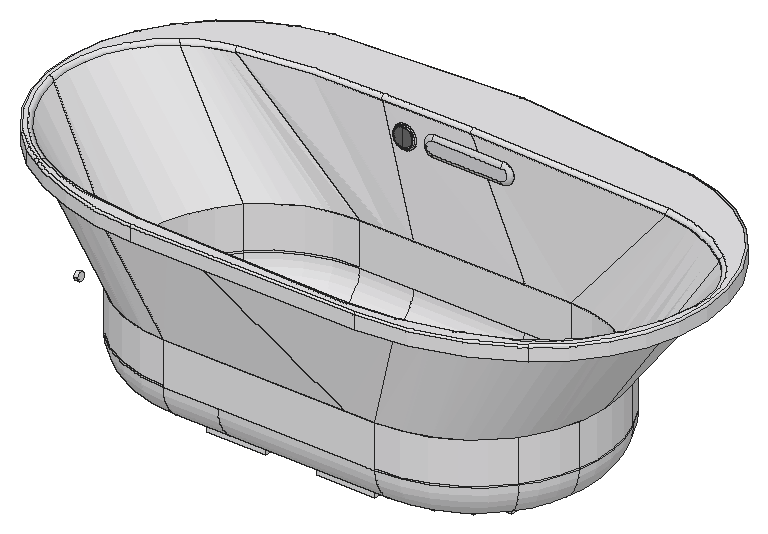
Revit family "Bath-Drop_In-Heated_Surface-KOHLER-Underscore-K-5715_1", category Plumbing Fixtures, host Face, Revit 2022
Family settings
  Host = Face
  Round Connector Dimension = Use Diameter
  Part Type = Normal
  OmniClass Number = 23.31.15.00
  OmniClass Title = Bathtubs
  Cut with Voids When Loaded = No
  Maintain Annotation Orientation = No
  Shared = No
  Room Calculation Point = No
Parameters (values of type "0-White")
  Width = 35 63/64"  # constant formula
  WaterSense Certified = 1 = 0  # no
  Waste Water Outlet = "Waste Water Outlet"  # constant formula
  Waste Connection = 1 = 1  # yes
  Voltage = 120 V  # constant formula
  Vent Connection = 1 = 0  # no
  Undermount [instance] = no
  URL = "https://www.us.kohler.com/us/"
  Type = 1
  Pump Electrical Connector = "Pump Electrical Connector"  # constant formula
  Product Page URL = "http://www.us.kohler.com/us/catalog/productDetails.jsp?productNumber=5715-W1"
  Product Name = "Underscore"  # constant formula
  Product Documentation Link = "https://www.us.kohler.com/webassets/kpna/catalog/pdf/en/K-5715-W1_spec_US-CA_Kohler_en.pdf"
  Model = if(Type = 1, "K-5715-W1-0", if(Type = 2, "K-5715-W1-58", if(Type = 3, "K-5715-W1-7", if(Type = 4, "K-5715-W1-95", if(Type = 5, "K-5715-W1-96", if(Type = 6, "K-5715-W1-NY", "NA"))))))  # "K-5715-W1-0"
  Material = "Acrylic"  # constant formula
  Master Format 2014 Name = "Residential Bathtubs"  # constant formula
  Master Format 2014 = "22 41 19"  # constant formula
  Manufacturer Address = "444 Highland Dr, Kohler, WI 53044"  # constant formula
  Manufacturer = "Kohler Co."  # constant formula
  Length = 65 63/64"  # constant formula
  Hot Water Inlet = "Hot Water Inlet"  # constant formula
  Height = 22.12598"  # constant formula
  Heater Electrical Connector = "Heater Electrical Connector"  # constant formula
  HW Connection = 1 = 0  # no
  Finish = KOHLER-Acrylic-0-White
  Environmental Product Declaration = ""
  Electrical Note = "One circuit required, protected with Class A Ground-Fault Circuit-Interrupter (GFCI)"  # constant formula
  Electrical Connector = 1 = 1  # yes
  Drop_in [instance] = not(Undermount)  # yes
  Drain Included = 1 = 0  # no
  Installation Height [instance] = if(Drop_in, 0", 2.48031")  # 0"
  Description = "65-1/2 Inch x 35-3/4 Inch Drop-In Bath With Bask Heated Surface"  # constant formula
  Default Elevation = 0"
  Declare Label = ""
  Date Modified = "05/10/2023"  # constant formula
  Date Created = "05/10/2023"  # constant formula
  Copyright = "Copyright Kohler Co."  # constant formula
  Contact Us = "https://www.us.kohler.com/us/static/contact.jsp"
  Cold Water Inlet = "Cold Water Inlet"  # constant formula
  CW Connection = 1 = 0  # no
  Blower Electrical Connector = "Blower Electrical Connector"  # constant formula
  Assembly Code = "D2010500"
  Apparent Load = 1800 VA  # constant formula
  Amplifer Electrical Connector = "Amplifer Electrical Connector"  # constant formula
  ADA Compliant = 1 = 0  # no
Reference planes (in)
  plane 1 "Center (Front/Back)": y = 0
  plane 2: z = 0
  plane 3 "Center (Left/Right)": x = 0
  plane 4: y = 17.99213
  plane 5: y = -17.99225
  plane 6: y = 13.58659
  plane 7: y = 11.53543
  plane 8: y = -1.00787
  plane 9: z = 0
  plane 10: z = 1.49606
  plane 11: z = -20.62992
  plane 12: x = -32.99213
  plane 13: x = -30.57087
  plane 14: x = -24.22638
  plane 15: x = 24.22638
  plane 16: x = 30.57087
  plane 17: x = 32.99225
  plane 18: z = -19.71532
  plane 19: z = -17.23501
  plane 20: y = -13.66142
Forms (in)
  Extrusion 1, void
    sketch origin (0, 0, 0) x (1, 0, 0) y (0, 1, 0)
      loop
        arc (25.76765, -13.51388) -> (32.33469, 4.14187) -> (18.40172, 16.81955) r 16.82097
        arc (18.40172, 16.81955) -> (-0.01607, 18.14627) -> (-18.43353, 16.81494) r 128.28001
        arc (-18.43353, 16.81494) -> (-32.33511, 4.21725) -> (-25.91084, -13.40899) r 16.80891
        arc (-25.91084, -13.40899) -> (-19.08481, -16.89304) -> (-11.51567, -18.09369) r 24.45914
        line (-11.51567, -18.09369) -> (11.47992, -18.09369)
        arc (11.47992, -18.09369) -> (18.98182, -16.92075) -> (25.76765, -13.51388) r 24.57677
    from 0 to 1.49606
  Extrusion 2, void
    sketch origin (0, 0, 0) x (1, 0, 0) y (0, 1, 0)
      loop
        arc (20.54068, 10.68667) -> (10.29584, 11.28731) -> (0.03343, 11.27369) r 171.3812
        arc (0.03343, 11.27369) -> (-4.50833, 11.18512) -> (-9.05092, 11.20351) r 192.91494
        arc (-9.05092, 11.20351) -> (-16.08001, 10.93428) -> (-23.0389, 9.90746) r 65.03515
        arc (-23.0389, 9.90746) -> (-25.26539, 9.19734) -> (-27.28762, 8.02598) r 10.82677
        arc (-27.28762, 8.02598) -> (-30.98965, 3.17661) -> (-31.48197, -2.90444) r 10.82677
        arc (-31.48197, -2.90444) -> (-28.72736, -9.0835) -> (-23.65197, -13.55664) r 15.89016
        arc (-23.65197, -13.55664) -> (-20.8528, -14.8313) -> (-17.88537, -15.64028) r 19.10574
        arc (-17.88537, -15.64028) -> (-14.87727, -16.10612) -> (-11.84556, -16.379) r 47.66623
        arc (-11.84556, -16.379) -> (-1.2061, -16.79011) -> (9.4413, -16.79219) r 277.11782
        arc (9.4413, -16.79219) -> (17.16258, -15.72302) -> (24.41654, -12.86972) r 32.94513
        arc (24.41654, -12.86972) -> (26.38744, -11.52726) -> (28.03649, -9.80468) r 11.41732
        arc (28.03649, -9.80468) -> (30.65746, -5.14026) -> (31.81399, 0.08361) r 18.26041
        arc (31.81399, 0.08361) -> (31.11787, 4.14494) -> (28.62105, 7.42289) r 8.64631
        arc (28.62105, 7.42289) -> (24.82364, 9.65583) -> (20.54068, 10.68667) r 14.96872
    from 1.49606 to 6.88459
  Extrusion 3, void
    sketch origin (0, 0, 0) x (1, 0, 0) y (0, 1, 0)
      loop
        arc (-23.12387, 14.50701) -> (-26.05838, 12.71893) -> (-28.56647, 10.36987) r 16.75777
        arc (-28.56647, 10.36987) -> (-31.40803, 5.53963) -> (-32.3255, 0.01115) r 15.34331
        arc (-32.3255, 0.01115) -> (-29.97545, -8.13877) -> (-23.86838, -14.02499) r 16.40197
        arc (-23.86838, -14.02499) -> (-21.49112, -15.3238) -> (-18.85908, -15.96461) r 10.39992
        arc (-18.85908, -15.96461) -> (-9.43122, -16.81606) -> (0.02131, -17.32496) r 260.91458
        arc (0.02131, -17.32496) -> (4.72817, -17.40411) -> (9.43468, -17.30601) r 125.02205
        arc (9.43468, -17.30601) -> (15.74015, -16.63242) -> (21.89985, -15.12548) r 47.53252
        arc (21.89985, -15.12548) -> (23.66102, -14.38482) -> (25.2582, -13.33632) r 10.46553
        arc (25.2582, -13.33632) -> (30.19136, -7.38425) -> (32.32207, 0.047) r 18.85956
        arc (32.32207, 0.047) -> (30.90726, 7.33068) -> (26.00808, 12.90309) r 14.1821
        arc (26.00808, 12.90309) -> (22.04656, 14.92915) -> (17.73356, 16.02309) r 19.8743
        arc (17.73356, 16.02309) -> (8.88273, 16.95251) -> (-0.00913, 17.32117) r 140.86348
        arc (-0.00913, 17.32117) -> (-7.82043, 17.1814) -> (-15.61197, 16.60878) r 140.86348
        arc (-15.61197, 16.60878) -> (-19.45837, 15.88118) -> (-23.12387, 14.50701) r 22.82438
    from -20.62992 to 0
Dimensions and locks (in)
  plane 7 to plane 4 = 6.45669"
  plane 5 to plane 7 = 29.52768"
  plane 8 to plane 4 = 19"
  "Width": plane 5 to plane 4
  plane 4 to plane 5 = 35 63/64"
  "Installation Height": plane 2 to plane 9
  locked: plane 10 to plane 9 at 1.49606
  "Height": plane 10 to plane 11
  "Length": plane 12 to plane 17
  plane 5 to plane 1 "Center (Front/Back)" to plane 4 = 17.99225", 17.99213"
  plane 20 to plane 7 = 25.19685"
  aligned and locked: plane 2 to host face
  aligned and locked: level to host face
  aligned and locked: plane 9 to nested 1
  aligned and locked: Extrusion 1 to plane 9
  aligned and locked: Extrusion 1 to plane 10
  aligned and locked: plane 10 to Extrusion 2
  aligned and locked: Extrusion 3 to plane 11
  aligned and locked: plane 9 to Extrusion 3
Automatic sketch dimensions
  host sketch curve to host sketch curve = 96"  (x2)
  Extrusion 3 sketch curve to Extrusion 3 sketch curve = 0"  (x13)
  plane 8 to Extrusion 3 sketch curve = 4.61764"
  Extrusion 3 sketch curve to plane 3 "Center (Left/Right)" = 17.7359"
  Extrusion 3 sketch curve to plane 1 "Center (Front/Back)" = 0.30571"
  Extrusion 3 sketch curve to Extrusion 3 sketch curve = 0.75089"
  Extrusion 3 sketch curve to Extrusion 3 sketch curve = 1.05846"
  Extrusion 3 sketch curve to plane 8 = 0.3858"
  Extrusion 3 sketch curve to Extrusion 3 sketch curve = 0.0092"
  Extrusion 3 sketch curve to Extrusion 3 sketch curve = 4.42744"
  Extrusion 3 sketch curve to plane 3 "Center (Left/Right)" = 1.39561"
  plane 3 "Center (Left/Right)" to Extrusion 3 sketch curve = 4.47659"
  plane 3 "Center (Left/Right)" to Extrusion 3 sketch curve = 7.54965"
  plane 3 "Center (Left/Right)" to Extrusion 3 sketch curve = 9.31924"
  Extrusion 3 sketch curve to plane 1 "Center (Front/Back)" = 1.41906"
  plane 3 "Center (Left/Right)" to Extrusion 3 sketch curve = 13.51248"
  plane 8 to Extrusion 3 sketch curve = 2.65923"
  Extrusion 3 sketch curve to Extrusion 3 sketch curve = 1.52217"
  Extrusion 3 sketch curve to plane 1 "Center (Front/Back)" = 1.07877"
  Extrusion 3 sketch curve to Extrusion 3 sketch curve = 4.66507"
  Extrusion 3 sketch curve to Extrusion 3 sketch curve = 3.70563"
  Extrusion 3 sketch curve to Extrusion 3 sketch curve = 0.47355"
  plane 5 to Extrusion 3 sketch curve = 105.54323"
  Extrusion 3 sketch curve to Extrusion 3 sketch curve = 1.48117"
  Extrusion 3 sketch curve to plane 1 "Center (Front/Back)" = 0.32604"
  Extrusion 3 sketch curve to plane 4 = 12.19699"
  Extrusion 3 sketch curve to Extrusion 3 sketch curve = 77.42857"
  Extrusion 3 sketch curve to Extrusion 3 sketch curve = 135.80622"
  Extrusion 3 sketch curve to plane 6 = 0.92042"
  Extrusion 3 sketch curve to plane 3 "Center (Left/Right)" = 0.00913"
  Extrusion 2 sketch curve to Extrusion 2 sketch curve = 0"  (x13)
  Extrusion 2 sketch curve to plane 8 = 0.30568"
  Extrusion 2 sketch curve to plane 14 = 3.34483"
  Extrusion 2 sketch curve to plane 1 "Center (Front/Back)" = 0.32773"
  Extrusion 2 sketch curve to Extrusion 2 sketch curve = 4.95753"
  Extrusion 2 sketch curve to Extrusion 2 sketch curve = 1.56385"
  Extrusion 2 sketch curve to plane 3 "Center (Left/Right)" = 10.07992"
  Extrusion 2 sketch curve to plane 3 "Center (Left/Right)" = 9.09044"
  Extrusion 2 sketch curve to plane 3 "Center (Left/Right)" = 5.99858"
  plane 3 "Center (Left/Right)" to Extrusion 2 sketch curve = 4.17193"
  plane 3 "Center (Left/Right)" to Extrusion 2 sketch curve = 5.39212"
  plane 4 to Extrusion 2 sketch curve = 1.84515"
  plane 3 "Center (Left/Right)" to Extrusion 2 sketch curve = 8.81486"
  Extrusion 2 sketch curve to plane 1 "Center (Front/Back)" = 1.37623"
  Extrusion 2 sketch curve to plane 15 = 10.627"
  plane 8 to Extrusion 2 sketch curve = 1.80594"
  Extrusion 2 sketch curve to plane 15 = 5.21669"
  Extrusion 2 sketch curve to Extrusion 2 sketch curve = 0.20789"
  Extrusion 2 sketch curve to plane 15 = 1.03701"
  Extrusion 2 sketch curve to Extrusion 2 sketch curve = 1.40964"
  plane 5 to Extrusion 2 sketch curve = 35.83125"
  Extrusion 2 sketch curve to Extrusion 2 sketch curve = 106.20021"
  Extrusion 2 sketch curve to plane 1 "Center (Front/Back)" = 0.69566"
  Extrusion 2 sketch curve to plane 1 "Center (Front/Back)" = 3.13742"
  Extrusion 2 sketch curve to plane 4 = 13.21542"
  Extrusion 2 sketch curve to Extrusion 2 sketch curve = 172.88676"
  Extrusion 2 sketch curve to Extrusion 2 sketch curve = 56.18122"
  Extrusion 2 sketch curve to plane 14 = 1.18748"
  Extrusion 2 sketch curve to plane 14 = 0.57441"
  plane 14 to Extrusion 2 sketch curve = 3.06125"
  Extrusion 1 sketch curve to plane 3 "Center (Left/Right)" = 11.51567"
  Extrusion 1 sketch curve to plane 1 "Center (Front/Back)" = 0.18048"
  Extrusion 1 sketch curve to Extrusion 1 sketch curve = 4.50247"
  Extrusion 1 sketch curve to plane 3 "Center (Left/Right)" = 0"
  plane 7 to Extrusion 1 sketch curve = 5.05235"
  plane 3 "Center (Left/Right)" to Extrusion 1 sketch curve = 11.47992"
  Extrusion 1 sketch curve to plane 1 "Center (Front/Back)" = 0.17255"
  Extrusion 1 sketch curve to Extrusion 1 sketch curve = 4.50884"
  plane 5 to Extrusion 1 sketch curve = 0.10144"
  plane 5 to Extrusion 1 sketch curve = 92.14149"
  Extrusion 1 sketch curve to plane 1 "Center (Front/Back)" = 6.36545"
  plane 4 to Extrusion 1 sketch curve = 1.17719"
  Extrusion 1 sketch curve to Extrusion 1 sketch curve = 0"  (x2)
  Extrusion 3 sketch curve to plane 14 = 0.358"
Nested families (in)
  nested 1: "K-5715" at (0, 0, -20.62992), type "K-5715"
Connectors (in)
  piping at (0, -1.00787, -20.62992), diameter 1.5, driven by "Waste Connection", driven by "Waste Water Outlet"
    settings: on nested 1, index 1, connector inside diameter 24", connector length 0", flow factor 0, pipe flow 0 GPM, pressure drop 0.00 psi, fitting loss kfactor 0, connector angle 0.00°, fixture units 0, engagement length 0", angle of deflection 0.00°, flow configuration 0, flow direction 2, fitting loss method 0, system type 16, joint type 0, gender type 0, connector reference index -1, connector utility 1, adjustable connector no, is connector primary yes, connector description "Waste Water Outlet"
  electrical at (-30.57087, -1.00787, -17.23501), driven by "Voltage", driven by "Apparent Load", driven by "Electrical Connector", driven by "Heater Electrical Connector"
    settings: on nested 1, index 2, voltage 120 V, apparent load 1800 VA, apparent load phase1 0 VA, apparent load phase2 0 VA, apparent load phase3 0 VA, power factor 1, load classification "Power", number of poles 1, system type 30, power factor state 1, is connector primary yes, connector utility yes, sub classification motor no, connector description "Heater Electrical Connector"
Definition of nested family "K-5715"
  Parameters (values of type "K-5715")
    Material = none
    Default Elevation = 0"
  Reference planes (in)
    plane 1 "Center (Front/Back)": y = 0
    plane 2: z = 0
    plane 3 "Center (Left/Right)": x = 0
    plane 4: y = 17.99213
    plane 5: y = -17.99213
    plane 6: x = -32.99213
    plane 7: x = 32.99213
    plane 8: x = -30.57087
    plane 9: x = 30.57087
    plane 10: x = -20.79367
    plane 11: x = 20.50349
    plane 12: z = 22.12598
    plane 13: z = 20.62992
    plane 14 "a": y = 13.58659
    plane 15: y = -1.00787
    plane 16: y = 11.53543
    plane 17: z = 0.48156
    plane 18: z = 0
    plane 19: x = -6.67469
    plane 20: y = -16.6674
    plane 21: z = 3.39491
  Forms (in)
    Blend 1, solid, material <- "Material", detail levels medium+fine
      base sketch origin (0, 0, 0) x (1, 0, 0) y (0, 1, 0)
        loop
          arc (18.80146, 12.28198) -> (-0.78698, 13.18036) -> (-20.36393, 12.05937) r 190.40898
          arc (-20.36393, 12.05937) -> (-29.7927, 6.43254) -> (-31.69465, -4.3816) r 13.18898
          arc (-31.69465, -4.3816) -> (-29.75404, -8.84275) -> (-26.54447, -12.49877) r 15.74877
          arc (-26.54447, -12.49877) -> (-21.85425, -15.35223) -> (-16.53378, -16.70606) r 18.52871
          arc (-16.53378, -16.70606) -> (-12.37771, -17.0397) -> (-8.21151, -17.20383) r 102.37152
          arc (-8.21151, -17.20383) -> (3.36558, -17.21612) -> (14.93566, -16.81293) r 322.54206
          arc (14.93566, -16.81293) -> (25.96522, -12.40368) -> (32.02577, -2.18788) r 18.4617
          arc (32.02577, -2.18788) -> (30.88857, 5.6159) -> (24.96407, 10.82095) r 11.41732
          arc (24.96407, 10.82095) -> (21.93231, 11.76044) -> (18.80146, 12.28198) r 23.45309
      top sketch origin (0, 0, 0) x (1, 0, 0) y (0, 1, 0)
        loop
          line (-11.01632, -14.35637) -> (7.54977, -14.35637) -> (10.69938, -14.35637)
          arc (10.69938, -14.35637) -> (20.0051, -10.41008) -> (23.63711, -0.97726) r 12.94501
          arc (23.63711, -0.97726) -> (20.97116, 6.46671) -> (14.47291, 10.97144) r 12.94501
          arc (14.47291, 10.97144) -> (12.60697, 11.39233) -> (10.69938, 11.53365) r 12.94501
          line (10.69938, 11.53365) -> (-11.01632, 11.53365)
          arc (-11.01632, 11.53365) -> (-20.82897, 7.03169) -> (-23.81642, -3.34284) r 12.94501
          arc (-23.81642, -3.34284) -> (-23.32494, -5.42026) -> (-22.49871, -7.38865) r 12.94501
          arc (-22.49871, -7.38865) -> (-17.73187, -12.47819) -> (-11.01632, -14.35637) r 12.94501
      from 21.75077 to 10.19989
    Extrusion 2, solid, material <- "Material", detail levels medium+fine
      sketch origin (0, 0, 0) x (1, 0, 0) y (0, 1, 0)
        loop
          line (10.69938, 11.53365) -> (5.97497, 11.53365) -> (-5.50451, 11.53365) -> (-11.01632, 11.53365)
          arc (-11.01632, 11.53365) -> (-16.15764, 10.46888) -> (-20.45317, 7.44974) r 12.94501
          arc (-20.45317, 7.44974) -> (-23.77023, 0.80475) -> (-22.88918, -6.5697) r 12.94501
          arc (-22.88918, -6.5697) -> (-21.76463, -8.62574) -> (-20.28781, -10.44534) r 12.94501
          arc (-20.28781, -10.44534) -> (-16.04764, -13.3386) -> (-11.01632, -14.35637) r 12.94501
          line (-11.01632, -14.35637) -> (-5.50451, -14.35637) -> (10.69938, -14.35637)
          arc (10.69938, -14.35637) -> (16.57798, -12.94459) -> (21.17434, -9.01719) r 12.94501
          arc (21.17434, -9.01719) -> (22.55053, -6.61938) -> (23.38617, -3.98403) r 12.94501
          arc (23.38617, -3.98403) -> (23.55575, 0.10092) -> (22.4429, 4.03501) r 12.94501
          arc (22.4429, 4.03501) -> (17.66608, 9.49911) -> (10.69938, 11.53365) r 12.94501
      from 5.90551 to 10.19989
    Sweep 3, solid, material <- "Material", detail levels medium+fine
      path origin (0, 0, 0) x (1, 0, 0) y (0, 1, 0)
        loop
          line (10.69938, 11.53365) -> (5.97497, 11.53365) -> (-5.50451, 11.53365) -> (-11.01632, 11.53365)
          arc (-11.01632, 11.53365) -> (-16.15764, 10.46888) -> (-20.45317, 7.44974) r 12.94501
          arc (-20.45317, 7.44974) -> (-23.77023, 0.80475) -> (-22.88918, -6.5697) r 12.94501
          arc (-22.88918, -6.5697) -> (-21.76463, -8.62574) -> (-20.28781, -10.44534) r 12.94501
          arc (-20.28781, -10.44534) -> (-16.04764, -13.3386) -> (-11.01632, -14.35637) r 12.94501
          line (-11.01632, -14.35637) -> (-5.50451, -14.35637) -> (10.69938, -14.35637)
          arc (10.69938, -14.35637) -> (16.57798, -12.94459) -> (21.17434, -9.01719) r 12.94501
          arc (21.17434, -9.01719) -> (22.55053, -6.61938) -> (23.38617, -3.98403) r 12.94501
          arc (23.38617, -3.98403) -> (23.55575, 0.10092) -> (22.4429, 4.03501) r 12.94501
          arc (22.4429, 4.03501) -> (17.66608, 9.49911) -> (10.69938, 11.53365) r 12.94501
      profile origin (5.97497, 11.53365, 0) x (0, -1, 0) y (0, 0, 1)
        loop
          line (3.93701, 1.82011) -> (6.29921, 1.82011) -> (6.29921, 2.60751) -> (3.93701, 2.60751)
          arc (3.93701, 2.60751) -> (1.7099, 3.53001) -> (0.7874, 5.75712) r 3.14961
          line (0.7874, 5.75712) -> (0.7874, 5.90551) -> (0, 5.90551) -> (0, 5.75712)
          arc (0, 5.75712) -> (1.15312, 2.97323) -> (3.93701, 1.82011) r 3.93701
    Blend 4, void
      base sketch origin (0, 0, 0) x (1, 0, 0) y (0, 1, 0)
        loop
          arc (-11.01632, 10.74625) -> (-15.84491, 9.74625) -> (-19.87916, 6.91075) r 12.15761
          arc (-19.87916, 6.91075) -> (-22.99445, 0.66995) -> (-22.167, -6.25593) r 12.15761
          arc (-22.167, -6.25593) -> (-21.11084, -8.18691) -> (-19.72386, -9.89583) r 12.15761
          arc (-19.72386, -9.89583) -> (-15.7416, -12.61311) -> (-11.01632, -13.56897) r 12.15761
          line (-11.01632, -13.56897) -> (-5.50451, -13.56897) -> (10.69938, -13.56897)
          arc (10.69938, -13.56897) -> (15.10602, -12.74224) -> (18.91336, -10.37451) r 12.15761
          arc (18.91336, -10.37451) -> (20.5357, -8.55658) -> (21.76296, -6.45166) r 12.15761
          arc (21.76296, -6.45166) -> (22.26339, -5.16384) -> (22.61447, -3.82755) r 12.15761
          arc (22.61447, -3.82755) -> (22.77374, 0.00893) -> (21.72858, 3.70373) r 12.15761
          arc (21.72858, 3.70373) -> (17.24232, 8.83546) -> (10.69938, 10.74625) r 12.15761
          line (10.69938, 10.74625) -> (5.97497, 10.74625) -> (-5.50451, 10.74625) -> (-11.01632, 10.74625)
      top sketch origin (0, 0, 0) x (1, 0, 0) y (0, 1, 0)
        loop
          arc (-27.28762, 8.02598) -> (-30.98965, 3.17661) -> (-31.48197, -2.90444) r 10.82677
          arc (-31.48197, -2.90444) -> (-28.72736, -9.0835) -> (-23.65197, -13.55664) r 15.89016
          arc (-23.65197, -13.55664) -> (-20.8528, -14.8313) -> (-17.88537, -15.64028) r 19.10574
          arc (-17.88537, -15.64028) -> (-14.87727, -16.10612) -> (-11.84556, -16.379) r 47.66623
          arc (-11.84556, -16.379) -> (-1.2061, -16.79011) -> (9.4413, -16.79219) r 277.11782
          arc (9.4413, -16.79219) -> (17.16258, -15.72302) -> (24.41654, -12.86972) r 32.94513
          arc (24.41654, -12.86972) -> (26.38744, -11.52726) -> (28.03649, -9.80468) r 11.41732
          arc (28.03649, -9.80468) -> (30.65746, -5.14026) -> (31.81399, 0.08361) r 18.26041
          arc (31.81399, 0.08361) -> (31.11787, 4.14494) -> (28.62105, 7.42289) r 8.64631
          arc (28.62105, 7.42289) -> (24.82364, 9.65583) -> (20.54068, 10.68667) r 14.96872
          arc (20.54068, 10.68667) -> (10.29584, 11.28731) -> (0.03343, 11.27369) r 171.3812
          arc (0.03343, 11.27369) -> (-4.50833, 11.18512) -> (-9.05092, 11.20351) r 192.91494
          arc (-9.05092, 11.20351) -> (-16.08001, 10.93428) -> (-23.0389, 9.90746) r 65.03515
          arc (-23.0389, 9.90746) -> (-25.26539, 9.19734) -> (-27.28762, 8.02598) r 10.82677
      from 10.19989 to 21.75077
    Extrusion 5, void
      sketch origin (0, 0, 0) x (1, 0, 0) y (0, 1, 0)
        loop
          arc (-11.01632, 10.74625) -> (-15.84491, 9.74625) -> (-19.87916, 6.91075) r 12.15761
          arc (-19.87916, 6.91075) -> (-22.99445, 0.66995) -> (-22.167, -6.25593) r 12.15761
          arc (-22.167, -6.25593) -> (-21.11084, -8.18691) -> (-19.72386, -9.89583) r 12.15761
          arc (-19.72386, -9.89583) -> (-15.7416, -12.61311) -> (-11.01632, -13.56897) r 12.15761
          line (-11.01632, -13.56897) -> (-5.50451, -13.56897) -> (10.69938, -13.56897)
          arc (10.69938, -13.56897) -> (16.2204, -12.24306) -> (20.53718, -8.55455) r 12.15761
          arc (20.53718, -8.55455) -> (21.82966, -6.3026) -> (22.61447, -3.82755) r 12.15761
          arc (22.61447, -3.82755) -> (22.77374, 0.00893) -> (21.72858, 3.70373) r 12.15761
          arc (21.72858, 3.70373) -> (17.24232, 8.83546) -> (10.69938, 10.74625) r 12.15761
          line (10.69938, 10.74625) -> (5.97497, 10.74625) -> (-5.50451, 10.74625) -> (-11.01632, 10.74625)
      from 5.90551 to 12.63047
    Extrusion 6, solid, material <- "Material", detail levels medium+fine
      sketch origin (0, 0, 0) x (1, 0, 0) y (0, 1, 0)
        loop
          arc (10.69938, -8.05716) -> (13.71737, -7.33237) -> (16.07708, -5.31609) r 6.6458
          arc (16.07708, -5.31609) -> (16.7836, -4.08509) -> (17.21261, -2.73214) r 6.6458
          arc (17.21261, -2.73214) -> (17.29967, -0.63498) -> (16.72835, 1.38474) r 6.6458
          arc (16.72835, 1.38474) -> (14.27599, 4.18993) -> (10.69938, 5.23444) r 6.6458
          line (10.69938, 5.23444) -> (-11.01632, 5.23444)
          arc (-11.01632, 5.23444) -> (-13.6558, 4.6878) -> (-15.86108, 3.13781) r 6.6458
          arc (-15.86108, 3.13781) -> (-17.56401, -0.27364) -> (-17.11169, -4.05958) r 6.6458
          arc (-17.11169, -4.05958) -> (-16.53436, -5.11513) -> (-15.77618, -6.04928) r 6.6458
          arc (-15.77618, -6.04928) -> (-13.59933, -7.53465) -> (-11.01632, -8.05716) r 6.6458
          line (-11.01632, -8.05716) -> (10.69938, -8.05716)
      from 1.82011 to 2.60751
    Extrusion 7, solid, material <- "Material", detail levels medium+fine
      sketch origin (0, 0, 0) x (1, 0, 0) y (0, 1, 0)
        loop
          line (-18.84265, 5.18794) -> (-18.84265, -0.91443) -> (-13.81694, -0.91443) -> (-13.81694, 5.18794) -> (-18.84265, 5.18794)
        loop
          line (-13.81694, -0.99851) -> (-18.84265, -0.99851) -> (-18.84265, -7.00795) -> (-13.81694, -7.00795) -> (-13.81694, -0.99851)
        loop
          line (-13.71522, -4.40974) -> (-13.71522, -10.41336) -> (-8.69883, -10.41336) -> (-8.69883, -4.40974) -> (-13.71522, -4.40974)
        loop
          line (-13.71369, 1.69537) -> (-13.71369, -4.31231) -> (-8.69883, -4.31231) -> (-8.69883, 1.69537) -> (-13.71369, 1.69537)
        loop
          line (-13.71369, 7.74699) -> (-13.71369, 1.84148) -> (-8.69883, 1.84148) -> (-8.69883, 7.74699) -> (-13.71369, 7.74699)
        loop
          line (-8.61296, 8.55442) -> (-8.61296, 3.55042) -> (-2.60061, 3.55042) -> (-2.60061, 8.55442) -> (-8.61296, 8.55442)
        loop
          line (-8.61296, -1.55928) -> (-2.60061, -1.55928) -> (-2.60061, 3.44547) -> (-8.61296, 3.44547) -> (-8.61296, -1.55928)
        loop
          line (-8.61296, -1.75613) -> (-8.61296, -6.67739) -> (-2.60061, -6.67739) -> (-2.60061, -1.75613) -> (-8.61296, -1.75613)
        loop
          line (-2.49578, 7.56865) -> (-2.49578, 1.56076) -> (2.50261, 1.56076) -> (2.50261, 7.56865) -> (-2.49578, 7.56865)
        loop
          line (-8.61296, -11.79132) -> (-2.60061, -11.79132) -> (-2.60061, -6.87006) -> (-8.61296, -6.87006) -> (-8.61296, -11.79132)
        loop
          line (-2.49578, -3.52779) -> (-2.49578, -9.4333) -> (2.50261, -9.4333) -> (2.50261, -3.52779) -> (-2.49578, -3.52779)
        loop
          line (2.63967, 8.56337) -> (2.63967, 3.565) -> (8.61046, 3.565) -> (8.61046, 8.56337) -> (2.63967, 8.56337)
        loop
          line (2.63967, 3.4545) -> (2.63967, -1.55447) -> (8.60324, -1.55447) -> (8.60324, 3.4545) -> (2.63967, 3.4545)
        loop
          line (2.63967, -1.68692) -> (2.63967, -6.67258) -> (8.60324, -6.67258) -> (8.60324, -1.68692) -> (2.63967, -1.68692)
        loop
          line (2.63967, -6.86091) -> (2.63967, -11.78217) -> (8.60324, -11.78217) -> (8.60324, -6.86091) -> (2.63967, -6.86091)
        loop
          line (8.72016, 7.70918) -> (8.72016, 1.69684) -> (13.72764, 1.69684) -> (13.72764, 7.70918) -> (8.72016, 7.70918)
        loop
          line (8.72016, 1.49999) -> (8.72016, -4.40552) -> (13.72764, -4.40552) -> (13.72764, 1.49999) -> (8.72016, 1.49999)
        loop
          line (8.72016, -4.59608) -> (8.72016, -10.50159) -> (13.72764, -10.50159) -> (13.72764, -4.59608) -> (8.72016, -4.59608)
        loop
          line (13.83876, 5.10876) -> (13.83876, -0.88554) -> (18.81542, -0.88554) -> (18.81542, 5.10876) -> (13.83876, 5.10876)
        loop
          line (13.83876, -1.08239) -> (13.83876, -6.9879) -> (18.81542, -6.9879) -> (18.81542, -1.08239) -> (13.83876, -1.08239)
      from 1.42855 to 1.99846
    Extrusion 8, solid, material <- "Material"
      sketch origin (0, 0, 0) x (1, 0, 0) y (0, 1, 0)
        loop
          line (-15.01343, 5.03867) -> (-15.01343, 2.54001) -> (-11.99118, 2.54001) -> (-11.99118, 5.03867) -> (-15.01343, 5.03867)
        loop
          line (-15.01343, -4.40974) -> (-15.01343, -7.00795) -> (-11.99118, -7.00795) -> (-11.99118, -4.40974) -> (-15.01343, -4.40974)
        loop
          line (11.99739, 5.04805) -> (11.99739, 2.55263) -> (15.00129, 2.55263) -> (15.00129, 5.04805) -> (11.99739, 5.04805)
        loop
          line (11.99739, -4.40552) -> (11.99739, -6.96457) -> (14.95015, -6.96457) -> (14.95015, -4.40552) -> (11.99739, -4.40552)
      from 0 to 1.42855
    Extrusion 9, solid, detail levels medium+fine
      sketch origin (0, 0, 0) x (1, 0, 0) y (0, 0, 1)
        loop
          arc (-3.52528, 20.04019) -> (-4.14234, 19.42313) -> (-3.52528, 18.80608) r 0.61706
          line (-3.52528, 18.80608) -> (3.54761, 18.80608)
          arc (3.54761, 18.80608) -> (4.16467, 19.42313) -> (3.54761, 20.04019) r 0.61706
          line (3.54761, 20.04019) -> (-3.52528, 20.04019)
      from -12.67197 to -10.74625
    Revolve 10, solid, material <- "Material", detail levels medium+fine
      sketch origin (0, 0, 0.60905) x (0, 1, 0) y (0, 0, 1)
        loop
          line (-1.00787, 1.99846) -> (-2.63732, 1.99846)
          arc (-2.63732, 1.99846) -> (-2.14339, 1.79387) -> (-1.9388, 1.29994) r 0.69852
          line (-1.9388, 1.29994) -> (-1.9388, -0.60905) -> (-1.5451, -0.60905) -> (-1.5451, -0.21535) -> (-1.00787, -0.21535) -> (-1.00787, 1.99846)
        axis (-1.00787, 1.99846) -> (-1.00787, -0.60905)
      angle from 0 to 360
    Revolve 11, void
      sketch origin (0, 0, 0) x (0, 1, 0) y (0, 0, 1)
        loop
          line (-1.00787, 0.67841) -> (-1.00787, 2.60751) -> (-2.50475, 2.60751)
          arc (-2.50475, 2.60751) -> (-2.08716, 2.43454) -> (-1.9142, 2.01696) r 0.59055
          line (-1.9142, 2.01696) -> (-1.9142, 0.67841) -> (-1.00787, 0.67841)
        axis (-1.00787, 0.67841) -> (-1.00787, 2.60751)
      angle from 0 to 360
    Revolve 12, solid, detail levels medium+fine
      sketch origin (0, 0, 0) x (0, 1, 0) y (0, 0, 1)
        loop
          line (-1.00787, 0.57998) -> (-0.48108, 0.57998) -> (-0.48108, 2.59905) -> (0.30632, 2.59905)
          arc (0.30632, 2.59905) -> (-0.32331, 2.88504) -> (-1.00787, 2.98298) r 2.44123
          line (-1.00787, 2.98298) -> (-1.00787, 0.57998)
        axis (-1.00787, 2.98298) -> (-1.00787, 0.57998)
      angle from 0 to 360
    Extrusion 13, solid, material <- "Material", detail levels coarse
      sketch origin (0, 0, 0) x (1, 0, 0) y (0, 1, 0)
        loop
          arc (18.72493, 11.49831) -> (-0.7825, 12.39297) -> (-20.2785, 11.27661) r 189.62158
          arc (-20.2785, 11.27661) -> (-29.14436, 5.98572) -> (-30.93275, -4.1828) r 12.40157
          arc (-30.93275, -4.1828) -> (-29.08918, -8.42091) -> (-26.04008, -11.89414) r 14.96137
          arc (-26.04008, -11.89414) -> (-21.54918, -14.62633) -> (-16.4548, -15.92262) r 17.74131
          arc (-16.4548, -15.92262) -> (-12.3307, -16.2537) -> (-8.19654, -16.41657) r 101.58412
          arc (-8.19654, -16.41657) -> (3.35229, -16.42883) -> (14.89412, -16.02663) r 321.75466
          arc (14.89412, -16.02663) -> (25.45327, -11.80543) -> (31.25533, -2.02534) r 17.6743
          arc (31.25533, -2.02534) -> (30.19656, 5.24025) -> (24.68064, 10.08632) r 10.62992
          arc (24.68064, 10.08632) -> (21.75067, 10.99428) -> (18.72493, 11.49831) r 22.66569
        loop
          arc (18.30638, -16.67292) -> (25.24929, -13.96715) -> (30.29356, -8.48258) r 16.49841
          arc (30.29356, -8.48258) -> (31.71197, -5.4561) -> (32.64585, -2.24685) r 21.5725
          arc (32.64585, -2.24685) -> (30.17649, 9.93403) -> (19.64292, 16.53066) r 15.74803
          arc (19.64292, 16.53066) -> (0, 18.04471) -> (-19.64292, 16.53066) r 128.17845
          arc (-19.64292, 16.53066) -> (-30.17649, 9.93403) -> (-32.64585, -2.24685) r 15.74803
          arc (-32.64585, -2.24685) -> (-31.71197, -5.4561) -> (-30.29356, -8.48258) r 21.5725
          arc (-30.29356, -8.48258) -> (-25.24929, -13.96715) -> (-18.30638, -16.67292) r 16.49841
          arc (-18.30638, -16.67292) -> (0, -17.99162) -> (18.30638, -16.67292) r 127.72553
      from 20.62992 to 22.12598
    Sweep 14, solid, detail levels medium+fine
      path origin (0, 0, 0) x (1, 0, 0) y (0, 0, 1)
        loop
          arc (-3.52528, 20.43389) -> (-4.53604, 19.42313) -> (-3.52528, 18.41237) r 1.01076
          line (-3.52528, 18.41237) -> (3.54761, 18.41237)
          arc (3.54761, 18.41237) -> (4.55837, 19.42313) -> (3.54761, 20.43389) r 1.01076
          line (3.54761, 20.43389) -> (-3.52528, 20.43389)
      profile origin (-4.53604, 0, 19.42313) x (0, -1, 0) y (1, 0, 0)
        loop
          arc (-11.13995, 0) -> (-10.86156, 0.11531) -> (-10.74625, 0.3937) r 0.3937
          line (-10.74625, 0.3937) -> (-12.03221, 0.3937) -> (-12.03221, 0) -> (-11.13995, 0)
    Sweep 15, solid, material <- "Material", detail levels medium+fine
      path origin (0, 0, 0) x (1, 0, 0) y (0, 1, 0)
        loop
          arc (18.38715, 16.71904) -> (-0.01606, 18.04471) -> (-18.41894, 16.71443) r 128.17845
          arc (-18.41894, 16.71443) -> (-32.23652, 4.19286) -> (-25.85107, -13.32688) r 16.70734
          arc (-25.85107, -13.32688) -> (-19.05338, -16.79647) -> (-11.51567, -17.99213) r 24.35758
          line (-11.51567, -17.99213) -> (11.47992, -17.99213)
          arc (11.47992, -17.99213) -> (18.95082, -16.82403) -> (25.70861, -13.43124) r 24.47521
          arc (25.70861, -13.43124) -> (32.236, 4.1179) -> (18.38715, 16.71904) r 16.71941
      profile origin (-18.41894, 16.71443, 0) x (0.143698, -0.989622, 0) y (0, 0, 1)
        loop
          line (0, 21.92913) -> (0, 20.62992) -> (0.34839, 20.62992) -> (0.34839, 22.12598) -> (0.19685, 22.12598)
          arc (0.19685, 22.12598) -> (0.05766, 22.06833) -> (0, 21.92913) r 0.19685
    Extrusion 16, solid, material <- "Material", detail levels medium+fine
      sketch origin (0, 0, 0) x (1, 0, 0) y (0, 1, 0)
        loop
          arc (-23.11735, 10.29327) -> (-25.4248, 9.55733) -> (-27.52057, 8.34337) r 11.22047
          arc (-27.52057, 8.34337) -> (-31.35722, 3.31765) -> (-31.86744, -2.98452) r 11.22047
          arc (-31.86744, -2.98452) -> (-29.04458, -9.31668) -> (-23.84344, -13.90065) r 16.28386
          arc (-23.84344, -13.90065) -> (-20.98659, -15.20157) -> (-17.95801, -16.02723) r 19.49944
          arc (-17.95801, -16.02723) -> (-14.92506, -16.49691) -> (-11.86832, -16.77204) r 48.05993
          arc (-11.86832, -16.77204) -> (-1.21374, -17.18373) -> (9.44879, -17.18582) r 277.51152
          arc (9.44879, -17.18582) -> (17.26234, -16.10387) -> (24.60298, -13.21648) r 33.33883
          arc (24.60298, -13.21648) -> (26.64184, -11.82772) -> (28.34776, -10.04574) r 11.81102
          arc (28.34776, -10.04574) -> (31.02524, -5.28076) -> (32.2067, 0.05574) r 18.65412
          arc (32.2067, 0.05574) -> (31.47888, 4.302) -> (28.86837, 7.7292) r 9.04001
          arc (28.86837, 7.7292) -> (24.97108, 10.02088) -> (20.57548, 11.07883) r 15.36242
          arc (20.57548, 11.07883) -> (10.30711, 11.68085) -> (0.02112, 11.66719) r 171.7749
          arc (0.02112, 11.66719) -> (-4.51137, 11.5788) -> (-9.04469, 11.59716) r 192.52124
          arc (-9.04469, 11.59716) -> (-16.11633, 11.3263) -> (-23.11735, 10.29327) r 65.42885
        loop
          arc (-18.36888, 16.36965) -> (-31.89833, 4.10919) -> (-25.64603, -13.04521) r 16.35895
          arc (-25.64603, -13.04521) -> (-18.94556, -16.46518) -> (-11.51567, -17.64374) r 24.00919
          line (-11.51567, -17.64374) -> (11.47992, -17.64374)
          arc (11.47992, -17.64374) -> (18.84447, -16.49227) -> (25.50607, -13.14777) r 24.12682
          arc (25.50607, -13.14777) -> (31.89745, 4.03569) -> (18.33718, 16.37425) r 16.37102
          arc (18.33718, 16.37425) -> (-0.01602, 17.69632) -> (-18.36888, 16.36965) r 127.83006
      from 20.62992 to 22.12598
    Sweep 17, solid, material <- "Material", detail levels medium+fine
      path origin (0, 0, 0) x (1, 0, 0) y (0, 1, 0)
        loop
          arc (-23.0389, 9.90746) -> (-25.26539, 9.19734) -> (-27.28762, 8.02598) r 10.82677
          arc (-27.28762, 8.02598) -> (-30.98965, 3.17661) -> (-31.48197, -2.90444) r 10.82677
          arc (-31.48197, -2.90444) -> (-28.72736, -9.0835) -> (-23.65197, -13.55664) r 15.89016
          arc (-23.65197, -13.55664) -> (-20.8528, -14.8313) -> (-17.88537, -15.64028) r 19.10574
          arc (-17.88537, -15.64028) -> (-14.87727, -16.10612) -> (-11.84556, -16.379) r 47.66623
          arc (-11.84556, -16.379) -> (-1.2061, -16.79011) -> (9.4413, -16.79219) r 277.11782
          arc (9.4413, -16.79219) -> (17.16258, -15.72302) -> (24.41654, -12.86972) r 32.94513
          arc (24.41654, -12.86972) -> (26.38744, -11.52726) -> (28.03649, -9.80468) r 11.41732
          arc (28.03649, -9.80468) -> (30.65746, -5.14026) -> (31.81399, 0.08361) r 18.26041
          arc (31.81399, 0.08361) -> (31.11787, 4.14494) -> (28.62105, 7.42289) r 8.64631
          arc (28.62105, 7.42289) -> (24.82364, 9.65583) -> (20.54068, 10.68667) r 14.96872
          arc (20.54068, 10.68667) -> (10.29584, 11.28731) -> (0.03343, 11.27369) r 171.3812
          arc (0.03343, 11.27369) -> (-4.50833, 11.18512) -> (-9.05092, 11.20351) r 192.91494
          arc (-9.05092, 11.20351) -> (-16.08001, 10.93428) -> (-23.0389, 9.90746) r 65.03515
      profile origin (0.03343, 11.27369, 0) x (-0.031268, 0.999511, 0) y (0, 0, 1)
        loop
          arc (0.3937, 22.12598) -> (0.11531, 22.01067) -> (0, 21.73228) r 0.3937
          line (0, 21.73228) -> (0.3937, 21.73228) -> (0.3937, 22.12598)
    Extrusion 18, solid, material <- "Material", detail levels coarse
      sketch origin (0, 0, 0) x (1, 0, 0) y (0, 1, 0)
        loop
          circle (0, -1.00787) r 0.93093
      from 0 to 1.42855
    Revolve 19, solid, detail levels medium+fine
      sketch origin (-6.67469, 11.00945, 48) x (0, -1, 0) y (0, 0, 1)
        loop
          line (0.08663, -28.77281) -> (-0.53505, -28.79532) -> (-0.4887, -30.07548) -> (-0.17542, -30.05276)
          arc (-0.17542, -30.05276) -> (-0.13547, -30.0403) -> (-0.10521, -30.01139) r 0.09175
          arc (-0.10521, -30.01139) -> (-0.03323, -29.92188) -> (0.05497, -29.84831) r 0.57995
          line (0.05497, -29.84831) -> (0.10256, -29.81603)
          arc (0.10256, -29.81603) -> (0.11448, -29.80225) -> (0.11791, -29.78435) r 0.0352
          line (0.11791, -29.78435) -> (0.11477, -29.74103)
          arc (0.11477, -29.74103) -> (0.1194, -29.72624) -> (0.12059, -29.71079) r 0.06856
          line (0.12059, -29.71079) -> (0.08663, -28.77281)
        axis (-0.53505, -28.79532) -> (0.08663, -28.77281)
      angle from 0 to 360
    Blend 20, solid, material <- "Material", detail levels coarse
      base sketch origin (0, 0, 0) x (1, 0, 0) y (0, 1, 0)
        loop
          arc (18.80146, 12.28198) -> (-0.78698, 13.18036) -> (-20.36393, 12.05937) r 190.40898
          arc (-20.36393, 12.05937) -> (-29.7927, 6.43254) -> (-31.69465, -4.3816) r 13.18898
          arc (-31.69465, -4.3816) -> (-29.75404, -8.84275) -> (-26.54447, -12.49877) r 15.74877
          arc (-26.54447, -12.49877) -> (-21.85425, -15.35223) -> (-16.53378, -16.70606) r 18.52871
          arc (-16.53378, -16.70606) -> (-12.37771, -17.0397) -> (-8.21151, -17.20383) r 102.37152
          arc (-8.21151, -17.20383) -> (3.36558, -17.21612) -> (14.93566, -16.81293) r 322.54206
          arc (14.93566, -16.81293) -> (25.96522, -12.40368) -> (32.02577, -2.18788) r 18.4617
          arc (32.02577, -2.18788) -> (30.88857, 5.6159) -> (24.96407, 10.82095) r 11.41732
          arc (24.96407, 10.82095) -> (21.93231, 11.76044) -> (18.80146, 12.28198) r 23.45309
      top sketch origin (0, 0, 0) x (1, 0, 0) y (0, 1, 0)
        loop
          arc (-22.14949, -7.20686) -> (-17.52763, -12.14161) -> (-11.01632, -13.96267) r 12.55131
          line (-11.01632, -13.96267) -> (7.54977, -13.96267) -> (10.69938, -13.96267)
          arc (10.69938, -13.96267) -> (19.72208, -10.1364) -> (23.24363, -0.99046) r 12.55131
          arc (23.24363, -0.99046) -> (20.65876, 6.22711) -> (14.35814, 10.59484) r 12.55131
          arc (14.35814, 10.59484) -> (12.54895, 11.00293) -> (10.69938, 11.13995) r 12.55131
          line (10.69938, 11.13995) -> (-11.01632, 11.13995)
          arc (-11.01632, 11.13995) -> (-20.53054, 6.77491) -> (-23.42713, -3.28409) r 12.55131
          arc (-23.42713, -3.28409) -> (-22.95059, -5.29833) -> (-22.14949, -7.20686) r 12.55131
      from 20.62992 to 1.42855
    Blend 21, void
      base sketch origin (0, 0, 0) x (1, 0, 0) y (0, 1, 0)
        loop
          arc (-30.93275, -4.1828) -> (-29.08918, -8.42091) -> (-26.04008, -11.89414) r 14.96137
          arc (-26.04008, -11.89414) -> (-21.54918, -14.62633) -> (-16.4548, -15.92262) r 17.74131
          arc (-16.4548, -15.92262) -> (-12.3307, -16.2537) -> (-8.19654, -16.41657) r 101.58412
          arc (-8.19654, -16.41657) -> (3.35229, -16.42883) -> (14.89412, -16.02663) r 321.75466
          arc (14.89412, -16.02663) -> (25.45327, -11.80543) -> (31.25533, -2.02534) r 17.6743
          arc (31.25533, -2.02534) -> (30.19656, 5.24025) -> (24.68064, 10.08632) r 10.62992
          arc (24.68064, 10.08632) -> (21.75067, 10.99428) -> (18.72493, 11.49831) r 22.66569
          arc (18.72493, 11.49831) -> (-0.7825, 12.39297) -> (-20.2785, 11.27661) r 189.62158
          arc (-20.2785, 11.27661) -> (-29.14436, 5.98572) -> (-30.93275, -4.1828) r 12.40157
      top sketch origin (0, 0, 0) x (1, 0, 0) y (0, 1, 0)
        loop
          arc (-23.03784, -3.22535) -> (-22.57624, -5.17641) -> (-21.80027, -7.02507) r 12.15761
          arc (-21.80027, -7.02507) -> (-17.32338, -11.80503) -> (-11.01632, -13.56897) r 12.15761
          line (-11.01632, -13.56897) -> (7.54977, -13.56897) -> (10.69938, -13.56897)
          arc (10.69938, -13.56897) -> (19.43906, -9.86272) -> (22.85015, -1.00366) r 12.15761
          arc (22.85015, -1.00366) -> (20.34636, 5.98751) -> (14.24338, 10.21824) r 12.15761
          arc (14.24338, 10.21824) -> (12.49094, 10.61352) -> (10.69938, 10.74625) r 12.15761
          line (10.69938, 10.74625) -> (-11.01632, 10.74625)
          arc (-11.01632, 10.74625) -> (-20.2321, 6.51813) -> (-23.03784, -3.22535) r 12.15761
      from 20.62992 to 2.59905
    Extrusion 22, solid, material <- "Material"
      sketch origin (-6.67469, 11.00945, 48) x (0, -1, 0) y (0, 0, 1)
        loop
          circle (12.01732, -44.60509) r 0.3937
      from 23.48203 to 23.89618
  Cuts and joins
    Extrusion 5, Revolve 11 cuts Extrusion 2
    Revolve 11 cuts Sweep 3
    Revolve 11 cuts Extrusion 6
    joined: Extrusion 2, Sweep 3, Extrusion 6, Revolve 10
    joined: Extrusion 9, Sweep 14
    Blend 4 cuts Blend 1
    joined: Sweep 15, Extrusion 16, Sweep 17
    Blend 21 cuts Blend 20
    joined: Extrusion 13, Blend 20
  Lines and regions (in)
    Masking region 1
      outline origin (0, 0, 0) x (1, 0, 0) y (0, 1, 0)
        loop
          arc (0, 17.99213) -> (-7.84841, 17.85169) -> (-15.67697, 17.27635) r 141.53277
          arc (-15.67697, 17.27635) -> (-19.63616, 16.52741) -> (-23.40915, 15.11295) r 23.49368
          arc (-23.40915, 15.11295) -> (-26.46086, 13.25346) -> (-29.06912, 10.81057) r 17.42707
          arc (-29.06912, 10.81057) -> (-32.03464, 5.76963) -> (-32.99213, 0) r 16.01261
          arc (-32.99213, 0) -> (-30.55694, -8.46462) -> (-24.22638, -14.58865) r 17.07126
          arc (-24.22638, -14.58865) -> (-21.32996, -16.00029) -> (-18.18651, -16.70786) r 13.91396
          arc (-18.18651, -16.70786) -> (-9.10445, -17.50849) -> (0, -17.99213) r 261.58387
          arc (0, -17.99213) -> (6.47111, -17.88741) -> (12.94061, -17.70887) r 567.29713
          arc (12.94061, -17.70887) -> (17.56995, -16.95852) -> (22.10445, -15.76184) r 48.20181
          arc (22.10445, -15.76184) -> (23.97825, -14.97382) -> (25.67757, -13.85827) r 11.13482
          arc (25.67757, -13.85827) -> (30.7858, -7.69496) -> (32.99213, 0) r 19.52886
          arc (32.99213, 0) -> (31.51055, 7.62742) -> (26.38017, 13.46281) r 14.85139
          arc (26.38017, 13.46281) -> (22.28523, 15.5571) -> (17.82699, 16.68787) r 20.54359
          arc (17.82699, 16.68787) -> (8.93411, 17.62171) -> (0, 17.99213) r 141.53277
    Masking region 2
      outline origin (0, 0, 0) x (1, 0, 0) y (0, 0, 1)
        loop
          arc (-32.59801, 22.12598) -> (-32.8764, 22.01067) -> (-32.99171, 21.73228) r 0.3937
          line (-32.99171, 21.73228) -> (-32.99171, 20.62992) -> (-30.09074, 20.62992)
          arc (-30.09074, 20.62992) -> (-29.12227, 19.58609) -> (-28.31207, 18.41516) r 9.98843
          line (-28.31207, 18.41516) -> (-24.44164, 11.71137)
          arc (-24.44164, 11.71137) -> (-24.01919, 10.7374) -> (-23.82858, 9.69301) r 4.65193
          line (-23.82858, 9.69301) -> (-23.5292, 5.17536)
          arc (-23.5292, 5.17536) -> (-22.32308, 2.73403) -> (-19.74395, 1.86061) r 3.55778
          line (-19.74395, 1.86061) -> (-18.81542, 1.86061) -> (-18.81542, 1.42855) -> (-15.00129, 1.29535) -> (-15.00129, 0) -> (-11.99739, 0) -> (-11.99739, 1.19046) -> (-8.718, 1.07594) -> (-8.70249, 1.52014) -> (-8.60579, 1.52014) -> (-8.62142, 1.07256) -> (-2.62452, 0.86315) -> (-2.60446, 1.43744) -> (-2.49802, 1.43744) -> (-2.5182, 0.85944) -> (-0.97886, 0.85944) -> (-0.97886, 0) -> (0, 0) -> (0.97886, 0) -> (0.97886, 0.85944) -> (2.51761, 0.85944) -> (2.49746, 1.43655) -> (2.60449, 1.43655) -> (2.62452, 0.86315) -> (8.62142, 1.07256) -> (8.60574, 1.52142) -> (8.70244, 1.52142) -> (8.718, 1.07594) -> (11.99739, 1.19046) -> (11.99739, 0) -> (15.00129, 0) -> (15.00129, 1.29535) -> (18.81542, 1.42855) -> (18.81542, 1.86061) -> (19.74395, 1.86061)
          arc (19.74395, 1.86061) -> (22.32308, 2.73403) -> (23.5292, 5.17536) r 3.55778
          line (23.5292, 5.17536) -> (23.82858, 9.69301)
          arc (23.82858, 9.69301) -> (24.01919, 10.7374) -> (24.44164, 11.71137) r 4.65193
          line (24.44164, 11.71137) -> (28.31207, 18.41516)
          arc (28.31207, 18.41516) -> (29.12227, 19.58609) -> (30.09074, 20.62992) r 9.98843
          line (30.09074, 20.62992) -> (32.99171, 20.62992) -> (32.99171, 21.73228)
          arc (32.99171, 21.73228) -> (32.8764, 22.01067) -> (32.59801, 22.12598) r 0.3937
          line (32.59801, 22.12598) -> (-32.59801, 22.12598)
    Masking region 3
      outline origin (0, 0, 0) x (0, 1, 0) y (0, 0, 1)
        loop
          line (-1.00787, 22.12598) -> (-17.67175, 22.12598)
          arc (-17.67175, 22.12598) -> (-17.89829, 22.03215) -> (-17.99213, 21.8056) r 0.32038
          line (-17.99213, 21.8056) -> (-17.99213, 20.62992) -> (-16.76378, 20.62992) -> (-15.91449, 14.58695) -> (-14.46249, 4.25541)
          arc (-14.46249, 4.25541) -> (-13.56975, 2.51909) -> (-11.79132, 1.71351) r 2.96683
          line (-11.79132, 1.71351) -> (-11.79132, 1.17455) -> (-7.00795, 0.98941) -> (-7.00795, 0) -> (-4.40552, 0) -> (-4.40552, 0.94575) -> (-1.94075, 0.85035) -> (-1.94075, 0) -> (-1.00787, 0) -> (-0.075, 0) -> (-0.075, 0.85035) -> (2.38977, 0.94575) -> (2.38977, 0) -> (4.9922, 0) -> (4.9922, 0.98941) -> (8.59447, 1.12884) -> (8.59447, 1.71351)
          arc (8.59447, 1.71351) -> (10.3729, 2.51909) -> (11.26564, 4.25541) r 2.96683
          line (11.26564, 4.25541) -> (12.28649, 18.85429)
          arc (12.28649, 18.85429) -> (12.32808, 19.74162) -> (12.32887, 20.62992) r 19.33125
          line (12.32887, 20.62992) -> (17.99213, 20.62992) -> (17.99213, 21.73228)
          arc (17.99213, 21.73228) -> (17.87681, 22.01067) -> (17.59843, 22.12598) r 0.3937
          line (17.59843, 22.12598) -> (-1.00787, 22.12598)
    symbolic lines, detail levels medium+fine
      curve 1: arc (-19.87916, 6.91075, 0) -> (-22.99445, 0.66995, 0) -> (-22.167, -6.25593, 0) r 12.15761
      curve 2: arc (-11.01632, 10.74625, 0) -> (-15.84491, 9.74625, 0) -> (-19.87916, 6.91075, 0) r 12.15761
      curve 3: line (10.69938, 10.74625, 0) -> (-11.01632, 10.74625, 0)
      curve 4: arc (21.72858, 3.70373, 0) -> (17.24232, 8.83546, 0) -> (10.69938, 10.74625, 0) r 12.15761
      curve 5: arc (22.61447, -3.82755, 0) -> (22.77374, 0.00893, 0) -> (21.72858, 3.70373, 0) r 12.15761
      curve 6: arc (20.53718, -8.55455, 0) -> (21.82966, -6.3026, 0) -> (22.61447, -3.82755, 0) r 12.15761
      curve 7: arc (10.69938, -13.56897, 0) -> (16.2204, -12.24306, 0) -> (20.53718, -8.55455, 0) r 12.15761
      curve 8: line (-11.01632, -13.56897, 0) -> (10.69938, -13.56897, 0)
      curve 9: arc (-19.72386, -9.89583, 0) -> (-15.7416, -12.61311, 0) -> (-11.01632, -13.56897, 0) r 12.15761
      curve 10: arc (-22.167, -6.25593, 0) -> (-21.11084, -8.18691, 0) -> (-19.72386, -9.89583, 0) r 12.15761
      curve 11: circle (0, -1.00787, 0) r 1.3142 normal (0, 0, 1)
      curve 12: circle (0, -1.00787, 0) r 0.7874 normal (0, 0, 1)
      curve 14: circle (0, -1.00787, 0) r 0.88583 normal (0, 0, 1)
      curve 26: arc (-18.15712, 5.29378, 0) -> (-20.66712, 0.26556, 0) -> (-20.00044, -5.31464, 0) r 9.7954
      curve 27: arc (-11.01632, 8.38405, 0) -> (-14.90672, 7.57834, 0) -> (-18.15712, 5.29378, 0) r 9.7954
      curve 28: line (10.69938, 8.38405, 0) -> (-11.01632, 8.38405, 0)
      curve 29: arc (19.58563, 2.70988, 0) -> (15.97104, 6.84452, 0) -> (10.69938, 8.38405, 0) r 9.7954
      curve 30: arc (20.29939, -3.35808, 0) -> (20.42771, -0.26703, 0) -> (19.58563, 2.70988, 0) r 9.7954
      curve 31: arc (18.62571, -7.16664, 0) -> (19.66707, -5.35224, 0) -> (20.29939, -3.35808, 0) r 9.7954
      curve 32: arc (10.69938, -11.20676, 0) -> (15.14767, -10.13848, 0) -> (18.62571, -7.16664, 0) r 9.7954
      curve 33: line (-11.01632, -11.20676, 0) -> (10.69938, -11.20676, 0)
      curve 34: arc (-18.032, -8.24731, 0) -> (-14.82349, -10.43663, 0) -> (-11.01632, -11.20676, 0) r 9.7954
      curve 35: arc (-20.00044, -5.31464, 0) -> (-19.14949, -6.87043, 0) -> (-18.032, -8.24731, 0) r 9.7954
      curve 36: arc (-28.77195, 10.55233, 0) -> (-31.66455, 5.63533, 0) -> (-32.5985, 0.00756, 0) r 15.6189
      curve 37: arc (-23.23984, 14.75751, 0) -> (-26.22262, 12.94003, 0) -> (-28.77195, 10.55233, 0) r 17.03336
      curve 38: arc (-15.63724, 16.88466, 0) -> (-19.53008, 16.14827, 0) -> (-23.23984, 14.75751, 0) r 23.09997
      curve 39: arc (-0.00388, 17.59844, 0) -> (-7.83046, 17.4584, 0) -> (-15.63724, 16.88466, 0) r 141.13907
      curve 40: arc (17.77353, 16.29782, 0) -> (8.90538, 17.22906, 0) -> (-0.00388, 17.59844, 0) r 141.13907
      curve 41: arc (26.16279, 13.13456, 0) -> (22.14633, 15.18872, 0) -> (17.77353, 16.29782, 0) r 20.14989
      curve 42: arc (32.59947, 0.02864, 0) -> (31.15717, 7.45386, 0) -> (26.16279, 13.13456, 0) r 14.45769
      curve 43: arc (25.43238, -13.55024, 0) -> (30.43762, -7.51119, 0) -> (32.59947, 0.02864, 0) r 19.13516
      curve 44: arc (9.44815, -17.57969, 0) -> (15.79018, -16.90219, 0) -> (21.98559, -15.38651, 0) r 47.80811
      curve 45: arc (21.98559, -15.38651, 0) -> (23.79314, -14.62635, 0) -> (25.43238, -13.55024, 0) r 10.74112
      curve 46: arc (0.01403, -17.59868, 0) -> (4.73127, -17.67801, 0) -> (9.44815, -17.57969, 0) r 125.29764
      curve 47: arc (-24.01435, -14.25607, 0) -> (-21.58001, -15.58223, 0) -> (-18.8863, -16.23689, 0) r 10.67551
      curve 48: arc (-32.5985, 0.00756, 0) -> (-30.21341, -8.27192, 0) -> (-24.01435, -14.25607, 0) r 16.67756
      curve 49: arc (-22.72196, 10.69731, 0) -> (-15.84651, 11.6958, 0) -> (-8.90388, 11.95775, 0) r 65.26377
      curve 50: arc (-27.46175, 8.60088, 0) -> (-25.21337, 9.92383, 0) -> (-22.72196, 10.69731, 0) r 11.32698
      curve 51: arc (-31.87406, -3.19863, 0) -> (-31.40175, 3.34948, 0) -> (-27.46175, 8.60088, 0) r 11.64194
      curve 52: arc (-31.87406, -3.19863, 0) -> (-29.05144, -9.50821, 0) -> (-23.87488, -14.08874, 0) r 16.35826
      curve 53: arc (-23.87488, -14.08874, 0) -> (-20.91375, -15.47206, 0) -> (-17.75712, -16.31916, 0) r 18.71529
      curve 54: line (-8.90388, 11.95775, 0) -> (13.15166, 11.95775, 0)
      curve 55: arc (20.22398, 11.4582, 0) -> (16.68942, 11.73062, 0) -> (13.15166, 11.95775, 0) r 276.79707
      curve 56: arc (23.98582, 10.65786, 0) -> (22.1302, 11.17697, 0) -> (20.22398, 11.4582, 0) r 15.26623
      curve 57: arc (23.98582, 10.65786, 0) -> (28.44737, 7.92497, 0) -> (31.3751, 3.58878, 0) r 12.33723
      curve 58: arc (28.39582, -10.15607, 0) -> (30.62391, -6.44569, 0) -> (31.93505, -2.3211, 0) r 18.6166
      curve 59: arc (28.39582, -10.15607, 0) -> (26.6823, -11.96313, 0) -> (24.63444, -13.38012, 0) r 12.07137
      curve 60: arc (24.63444, -13.38012, 0) -> (17.318, -16.33547, 0) -> (9.50472, -17.43872, 0) r 32.47017
      curve 61: arc (-11.65245, -17.03996, 0) -> (-1.07759, -17.43663, 0) -> (9.50471, -17.43873, 0) r 283.76288
      curve 62: arc (-17.75712, -16.31916, 0) -> (-14.71588, -16.7735, 0) -> (-11.65245, -17.03996, 0) r 49.97673
      curve 63: arc (-18.8863, -16.23689, 0) -> (-9.466, -17.33229, 0) -> (0.01403, -17.59868, 0) r 108.21259
      curve 64: arc (-21.92816, 10.04977, 0) -> (-15.44755, 10.94068, 0) -> (-8.91002, 11.17034, 0) r 64.47636
      curve 66: arc (-23.48501, -13.40461, 0) -> (-20.64565, -14.73171, 0) -> (-17.61856, -15.54404, 0) r 17.92789
      curve 67: arc (-17.61856, -15.54404, 0) -> (-14.62437, -15.99144, 0) -> (-11.60832, -16.25379, 0) r 49.18933
      curve 68: arc (-11.60832, -16.25379, 0) -> (-1.06278, -16.64937, 0) -> (9.49019, -16.65146, 0) r 282.97548
      curve 69: arc (24.25431, -12.69055, 0) -> (17.11471, -15.57477, 0) -> (9.49018, -16.65145, 0) r 31.68277
      curve 70: arc (27.77204, -9.67555, 0) -> (26.16958, -11.36553, 0) -> (24.25431, -12.69055, 0) r 11.28396
      curve 71: line (-8.91002, 11.17034, 0) -> (-4.54504, 11.17034, 0)
      curve 72: arc (20.15845, 10.67353, 0) -> (16.64527, 10.94437, 0) -> (13.12892, 11.17034, 0) r 276.00967
      curve 83: line (-30.09074, 0, 20.62992) -> (30.09074, 0, 20.62992)
      curve 84: arc (-18.81542, 0, 1.86061) -> (0, 0, 1.42853) -> (18.81542, 0, 1.86061) r 409.88054
      curve 85: arc (-15.00129, 0, 1.29535) -> (-13.49997, 0, 1.22508) -> (-11.99739, 0, 1.19046) r 63.32181
      curve 86: arc (-0.97886, 0, 0.85944) -> (0, 0, 0.82528) -> (0.97886, 0, 0.85944) r 14.04189
      curve 87: arc (11.99739, 0, 1.19046) -> (13.50072, 0, 1.20346) -> (15.00129, 0, 1.29535) r 28.63122
      curve 88: line (0, 12.32887, 20.62992) -> (0, -16.80499, 20.62992)
      curve 89: line (0, 17.99213, 21.73228) -> (0, -17.99213, 21.73228)
      curve 90: arc (0, 8.59447, 1.71351) -> (0, -1.59843, 0.87125) -> (0, -11.79132, 1.71351) r 62.09802
      curve 91: line (0, 4.9922, 0.98941) -> (0, 4.9922, 1.22198)
      curve 92: line (0, 2.38977, 0.94575) -> (0, 2.38977, 0.99945)
      curve 93: line (0, -0.075, 0.85035) -> (0, -0.075, 0.88994)
      curve 94: line (0, -1.94075, 0.82801) -> (0, -1.94075, 0.8722)
      curve 95: line (0, -7.00795, 0.7874) -> (0, -7.00795, 1.10732)
      curve 96: line (32.99171, 0, 21.73228) -> (-32.99171, 0, 21.73228)
      curve 97: arc (30.57599, -1.23788, 0) -> (27.77671, 6.82512, 0) -> (20.15845, 10.67353, 0) r 11.37898
      curve 98: arc (30.57599, -1.23788, 0) -> (29.88651, -5.69349, 0) -> (27.77204, -9.67555, 0) r 13.53741
      curve 99: arc (-29.26657, 4.38674, 0) -> (-30.50146, -2.85507, 0) -> (-27.77204, -9.67555, 0) r 13.53741
      curve 100: arc (-27.77204, -9.67555, 0) -> (-25.80728, -11.74558, 0) -> (-23.48501, -13.40461, 0) r 14.95271
      curve 101: arc (-21.92816, 10.04977, 0) -> (-26.27511, 8.09651, 0) -> (-29.26657, 4.38674, 0) r 10.23622
      curve 102: arc (-4.54504, 11.17034, 0) -> (-4.46521, 10.87523, 0) -> (-4.18804, 10.74625, 0) r 0.3623
      curve 103: arc (4.56043, 11.17034, 0) -> (4.44498, 10.90036, 0) -> (4.19504, 10.74625, 0) r 0.48568
      curve 104: line (4.56043, 11.17034, 0) -> (13.12892, 11.17034, 0)
      curve 105: line (-4.54504, 11.17034, 0) -> (4.56043, 11.17034, 0)
      curve 106: arc (-7.8386, 11.09902, 0) -> (-7.77105, 11.03678, 0) -> (-7.72549, 10.95703, 0) r 0.30008
      curve 107: arc (-7.8386, 11.09902, 0) -> (-6.67526, 11.12589, 0) -> (-5.51193, 11.09824, 0) r 24.8396
      curve 108: arc (-7.677, 10.92052, 0) -> (-6.67718, 10.87792, 0) -> (-5.67736, 10.92048, 0) r 11.76094
      curve 109: arc (-7.72549, 10.95703, 0) -> (-7.70649, 10.9318, 0) -> (-7.677, 10.92052, 0) r 0.05712
      curve 110: arc (-5.51193, 11.09824, 0) -> (-5.57732, 11.03804, 0) -> (-5.6222, 10.96133, 0) r 0.30008
      curve 111: arc (-5.6222, 10.96133, 0) -> (-5.64399, 10.93309, 0) -> (-5.67736, 10.92048, 0) r 0.0654
      curve 112: arc (-7.67176, 10.96061, 0) -> (-6.69444, 10.98937, 0) -> (-5.71712, 10.96061, 0) r 16.6197
      curve 113: arc (-5.71712, 10.96061, 0) -> (-5.67342, 10.95581, 0) -> (-5.63044, 10.94661, 0) r 0.43431
      curve 114: arc (-7.72109, 10.94799, 0) -> (-7.69703, 10.95667, 0) -> (-7.67176, 10.96061, 0) r 0.13372
      curve 115: arc (-7.66041, 10.93823, 0) -> (-6.67366, 10.96523, 0) -> (-5.6869, 10.93823, 0) r 18.04537
      curve 116: arc (-7.69266, 10.92413, 0) -> (-7.67781, 10.93409, 0) -> (-7.66041, 10.93823, 0) r 0.0503
      curve 117: arc (-5.6869, 10.93823, 0) -> (-5.67025, 10.9347, 0) -> (-5.65546, 10.92628, 0) r 0.05541
      curve 118: arc (-7.34347, 10.9319, 0) -> (-6.67618, 10.95032, 0) -> (-6.00889, 10.93184, 0) r 12.07689
      curve 119: arc (-7.32493, 10.91281, 0) -> (-6.67185, 10.93368, 0) -> (-6.01885, 10.91041, 0) r 9.66904
